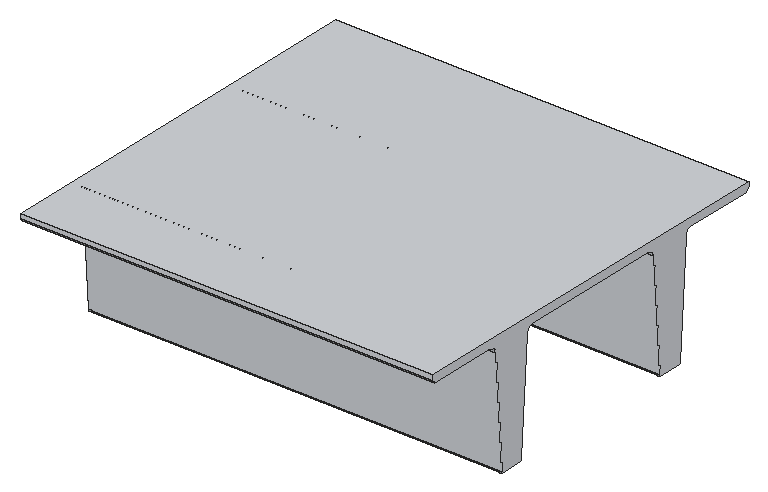
Revit family "TT 76_Precast-Rib deck_Spæncom", category Structural Framing, Revit 2014
Parameters
  Width TT plate [instance] = 2394 mm
  TT plate left (597mm) [instance] = 597 mm
  TT plate right (597mm) [instance] = 597 mm
  TT rib distance = 1200 mm  # constant formula
  Structural Material [instance] = none
  Plate thickness = 50 mm  # constant formula
  Model = "TT76"
  Manufacturer = "Spæncom"
  Length [instance] = 3000 mm
  Height TT = 760 mm  # constant formula
Reference planes
  plane 1 "Center (Front/Back)": y = 0
  plane 2 "Center Elevation": z = 0
  plane 3 "Center (Left/Right)": x = 0
  plane 4 "Left": x = -1500
  plane 5 "Member Left": x = -1250
  plane 6 "Stick Symbol Left": x = -1000
  plane 7 "Right": x = 1500
  plane 8 "Member Right": x = 1250
  plane 9 "Stick Symbol Right": x = 1000
  plane 10: y = 600
  plane 11: y = -600
  plane 12: through (0, 719.844, 672.661) normal (0, -0.9978, 0.0665)
  plane 13: through (0, 524.502, 7.468) normal (0, 0.9978, 0.0665)
  plane 14: through (0, -480.156, 672.661) normal (0, -0.9978, 0.0665)
  plane 15: through (0, -675.498, 7.468) normal (0, 0.9978, 0.0665)
  plane 16: through (0, -675.498, 7.468) normal (0, 0.9978, 0.0665)
  plane 17: through (0, -480.156, 672.661) normal (0, -0.9978, 0.0665)
  plane 18: through (0, 524.502, 7.468) normal (0, 0.9978, 0.0665)
  plane 19: through (0, 719.844, 672.661) normal (0, -0.9978, 0.0665)
Forms (mm)
  Extrusion 1, solid, material <- "Structural Material"
    sketch origin (-250, 0, 0) x (0, 1, 0) y (0, 0, 1)
      loop
        line (1197, 760) -> (-1197, 760) -> (-1197, 730) -> (-1177, 710) -> (-759.755, 710)
        arc (-759.755, 710) -> (-732.428, 699.21) -> (-719.844, 672.661) r 40
        line (-719.844, 672.661) -> (-675.498, 7.468)
        arc (-675.498, 7.468) -> (-672.981, 2.158) -> (-667.516, 0) r 8
        line (-667.516, 0) -> (-532.484, 0)
        arc (-532.484, 0) -> (-526.877, 3.184) -> (-524.391, 9.134) r 9.971
        line (-524.391, 9.134) -> (-480.156, 672.661)
        arc (-480.156, 672.661) -> (-467.572, 699.21) -> (-440.245, 710) r 40
        line (-440.245, 710) -> (440.245, 710)
        arc (440.245, 710) -> (467.572, 699.21) -> (480.156, 672.661) r 40
        line (480.156, 672.661) -> (524.502, 7.468)
        arc (524.502, 7.468) -> (527.019, 2.158) -> (532.484, 0) r 8
        line (532.484, 0) -> (667.516, 0)
        arc (667.516, 0) -> (672.981, 2.158) -> (675.498, 7.468) r 8
        line (675.498, 7.468) -> (719.844, 672.661)
        arc (719.844, 672.661) -> (732.428, 699.21) -> (759.755, 710) r 40
        line (759.755, 710) -> (1177, 710) -> (1197, 730) -> (1197, 760)
    from -1000 to 1500
Dimensions and locks
  equal spacing: plane 4 "Left", plane 3 "Center (Left/Right)", plane 7 "Right"
  "Length": plane 4 "Left" to plane 7 "Right"
  "Plate thickness": Extrusion 1 to Extrusion 1
  "Height TT": Extrusion 1 to Extrusion 1
  Extrusion 1 to plane 10 = 597 mm
  plane 11 to Extrusion 1 = 597 mm
  "TT rib distance": plane 10 to plane 11
  plane 19 to plane 18 = 150 mm
  plane 17 to plane 16 = 150 mm
  "Width TT plate": Extrusion 1 to Extrusion 1
  "TT plate left (597mm)": Extrusion 1 sketch curve to plane 10
  "TT plate right (597mm)": plane 11 to Extrusion 1 sketch curve
  radius of Extrusion 1 = 40 mm  (x4)
  aligned and locked: level to plane 2 "Center Elevation"
  aligned and locked: Extrusion 1 to plane 8 "Member Right"
  aligned and locked: Extrusion 1 to plane 5 "Member Left"
  aligned and locked: Extrusion 1 sketch curve to level  (x2)
Automatic sketch dimensions
  Extrusion 1 sketch curve to plane 15 = 0 mm  (x2)
  Extrusion 1 sketch curve to plane 14 = 0 mm  (x2)
  Extrusion 1 sketch curve to plane 13 = 0 mm  (x2)
  Extrusion 1 sketch curve to plane 12 = 0 mm  (x2)
  Extrusion 1 sketch curve to Extrusion 1 sketch curve = 20 mm  (x4)
  Extrusion 1 sketch curve to plane 11 = 159.755 mm
  Extrusion 1 sketch curve to Extrusion 1 sketch curve = 39.911 mm  (x4)
  level to Extrusion 1 sketch curve = 7.468 mm  (x3)
  Extrusion 1 sketch curve to Extrusion 1 sketch curve = 7.982 mm  (x2)
  level to Extrusion 1 sketch curve = 9.797 mm
  Extrusion 1 sketch curve to Extrusion 1 sketch curve = 133.175 mm
  level to Extrusion 1 sketch curve = 9.134 mm
  plane 11 to Extrusion 1 sketch curve = 119.844 mm
  Extrusion 1 sketch curve to plane 10 = 159.755 mm
  level to Extrusion 1 sketch curve = 8 mm
  plane 10 to Extrusion 1 sketch curve = 119.844 mm
  Extrusion 1 sketch curve to Extrusion 1 sketch curve = 2.661 mm  (x3)
  Extrusion 1 sketch curve to Extrusion 1 sketch curve = 30 mm
